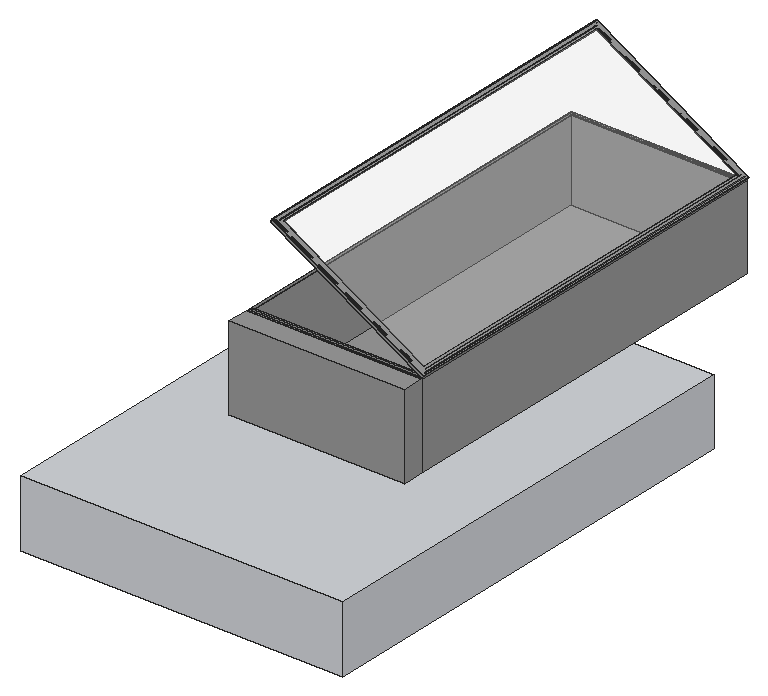
Revit family "Hager-Univers-IP55-D400-H1950-Cl.I-Steel_encl-CH-de", category Equipement électrique, Revit 2020
Family settings
  Hôte = Face
  Configuration du panneau = Deux colonnes, circuits au sein
  Cote de connecteur circulaire = Utiliser le diamètre
  Type d'élément = Tableau de raccordement
  Couper avec des vides une fois chargée = Non
  Partagée = Non
  Point de calcul de pièce = Non
Parameters (values of type "Bodenaufstellung IP55 B800 H1950 T400  - FR23V1")
  Width Control [instance] = if([EF000008 - Breite] > Min Width, [EF000008 - Breite], Min Width)  # 800 mm
  Commentaires du type = [HG000003 - Bereich]  # "Univers"
  Thickness Door [instance] = if([EF009171 - Materialstärke Tür/Deckel] > 3 mm, 3 mm, [EF009171 - Materialstärke Tür/Deckel])  # 1.5 mm
  Seal Frame Offset [instance] = 17 mm  # constant formula
  Plinth Visibility [instance] = [HG000027 - Sockelhöhe] > 0 mm  # yes
  Model = ""
  Min Width [instance] = 100 mm  # constant formula
  Min Height [instance] = 100 mm  # constant formula
  Min Depth [instance] = (2 * [EF009170 - Materialstärke Gehäuse]) + 1 mm  # 4 mm
  Internal Frame Depth [instance] = (Door System Depth * 0.5)  # 9 mm
  Height Control [instance] = if([EF000040 - Höhe] > Min Height, [EF000040 - Höhe], Min Height)  # 1950 mm
  HG000027 - Sockelhöhe = 100 mm
  HG000026 - Stehend auf dem Boden = yes
  HG000024 - Höhe des unteren Teils = 800 mm
  HG000023 - Gehäuse mit doppeltem Querschnitt = no
  HG000016 - 3D-Türsichtbarkeit [instance] = yes
  HG000015 - Sichtbarkeit der Türöffnung [instance] = no
  HG000014 - Tür rechts [instance] = yes
  HG000013 - Tür links [instance] = not([HG000014 - Tür rechts])  # no
  HG000012 - Türschwenkwinkel [instance] = 30.00°
  HG000010 - Asymmetrische Türen = no
  HG000009 - Doppelflügeligen Tür = no
  HG000006 - Unterputz = no
  HG000004 - Herstellerreferenz = "FR23V1"
  HG000003 - Bereich = "Univers"
  HG000002 - Mit tür = yes
  Frame Offset Bottom [instance] = 10 mm  # constant formula
  Frame Offset [instance] = 15 mm  # constant formula
  EF015940 - Deckel mit Überdruckentlastung = no
  EF011959 - Schutzart (NEMA) = ""
  EF009554 - Anzahl der Öffnungen für Flanschplatten = 6
  Fabricant = "Hager"  # constant formula
  EF009212 - Ausführung Deckel = "EV000116 - geschlossen"
  EF009171 - Materialstärke Tür/Deckel = 1.5 mm
  EF009170 - Materialstärke Gehäuse = 1.5 mm
  EF008873 - Nennstrom (In) = 800 A
  EF007800 - Geeignet für Blitzschutz = no
  EF006306 - Mit Schloss = no
  EF006244 - Transparenter Deckel/Tür = yes
  EF005474 - Schutzart (IP) = "EV006420 - IP55"
  EF004464 - Art der Tür = "EV002646 - Einzel"
  EF004427 - Anzahl der Module = 432
  EF004293 - Schlagfestigkeit = "EV008784 - IK10"
  EF003532 - Geeignet für Außengebrauch = no
  EF002950 - Breite in Teilungseinheiten = 24
  EF001613 - Funktionserhalt = "EV000494 - ohne"
  EF001596 - Werkstoff des Gehäuses = "EV000179 - Stahl"
  EF001131 - Innentiefe = 400 mm
  EF001088 - Anbaumöglichkeit = yes
  EF000437 - Anzahl der Leitungseinführungen = 6
  EF000339 - Art der Abdeckung = "EV004216 - Tür"
  EF000266 - Anzahl der Reihen = 12
  EF000218 - Einbautiefe = 0 mm
  EF000118 - Mit Montageplatte = no
  EF000116 - RAL-Nummer = "7035"
  EF000049 - Tiefe = 400 mm
  EF000040 - Höhe = 1950 mm
  EF000008 - Breite = 800 mm
  EF000007 - Farbe = "EV000270 - grau"
  EF000003 - Montageart = "EV012274 - Bodenaufstellung"
  Door System Leaf Tolerance [instance] = 1.5 mm  # constant formula
  Door System Depth [instance] = 18 mm  # constant formula
  Door Height [instance] = Height Control - [HG000027 - Sockelhöhe]  # 1850 mm
  Depth Control [instance] = if([EF000049 - Tiefe] > Min Depth, [EF000049 - Tiefe], Min Depth)  # 400 mm
  Default Elevation = 0 mm
  Connector Offset [instance] = Height Control / 2  # 975 mm
  Bottom Top Plate Trim [instance] = 1.5 mm  # constant formula
  Plinth height Ctrl [instance] = if([HG000027 - Sockelhöhe] > 0 mm, [HG000027 - Sockelhöhe], 12 mm)  # 100 mm
Types (11, lengths in mm): name | Width Control | HG000010 - Asymmetrische Türen | HG000009 - Doppelflügeligen Tür | HG000004 - Herstellerreferenz | EF009554 - Anzahl der Öffnungen für Flanschplatten | EF006244 - Transparenter Deckel/Tür | EF004464 - Art der Tür | EF004427 - Anzahl der Module | EF000437 - Anzahl der Leitungseinführungen | EF000008 - Breite
  Bodenaufstellung IP55 B1050 H1950 T400  - FR24G1 | 1050 | yes | yes | "FR24G1" | 8 | no | "EV003602 - Doppel" | 576 | 8 | 1050
  Bodenaufstellung IP55 B1050 H1950 T400  - FR24V1 | 1050 | yes | yes | "FR24V1" | 8 | yes | "EV003602 - Doppel" | 576 | 8 | 1050
  Bodenaufstellung IP55 B1300 H1950 T400  - FR25G1 | 1300 | yes | yes | "FR25G1" | 10 | no | "EV003602 - Doppel" | 720 | 10 | 1300
  Bodenaufstellung IP55 B1300 H1950 T400  - FR25V1 | 1300 | yes | yes | "FR25V1" | 10 | yes | "EV003602 - Doppel" | 720 | 10 | 1300
  Bodenaufstellung IP55 B1550 H1950 T400  - FR26G1 | 1550 | yes | yes | "FR26G1" | 12 | no | "EV003602 - Doppel" | 864 | 12 | 1550
  Bodenaufstellung IP55 B1550 H1950 T400  - FR26V1 | 1550 | yes | yes | "FR26V1" | 12 | yes | "EV003602 - Doppel" | 864 | 12 | 1550
  Bodenaufstellung IP55 B300 H1950 T400  - FR21G1 | 300 | no | no | "FR21G1" | 2 | no | "EV002646 - Einzel" | 144 | 2 | 300
  Bodenaufstellung IP55 B550 H1950 T400  - FR22G1 | 550 | no | no | "FR22G1" | 4 | no | "EV002646 - Einzel" | 288 | 4 | 550
  Bodenaufstellung IP55 B550 H1950 T400  - FR22V1 | 550 | no | no | "FR22V1" | 4 | yes | "EV002646 - Einzel" | 288 | 4 | 550
  Bodenaufstellung IP55 B800 H1950 T400  - FR23G1 | 800 | no | no | "FR23G1" | 6 | no | "EV002646 - Einzel" | 432 | 6 | 800
  Bodenaufstellung IP55 B800 H1950 T400  - FR23V1 | 800 | no | no | "FR23V1" | 6 | yes | "EV002646 - Einzel" | 432 | 6 | 800
Reference planes
  plane 1 "Center (Front/Back)": y = 0
  plane 2: z = 0
  plane 3 "Center (Left/Right)": x = 0
  plane 4: z = 400
  plane 5: y = 101.5
  plane 6: y = 1025
  plane 7: y = 100
  plane 8: y = 1950
  plane 9: z = 0
  plane 10: x = -385
  plane 11: x = 385
  plane 12: x = 383.5
  plane 13: x = -383.5
  plane 14: y = 1948.5
  plane 15: x = -383
  plane 16: x = -400
  plane 17: x = 383
  plane 18: x = 400
  plane 19: x = 398.5
  plane 20: x = -398.5
  plane 21: y = 111.5
  plane 22: y = 1950
  plane 23: y = 1933.5
  plane 24: z = 382
  plane 25: z = 1.5
  plane 26: z = 380.5
  plane 27: z = 398.5
Forms (mm)
  Extrusion 1, solid
    sketch origin (0, 0, 0) x (1, 0, 0) y (0, 1, 0)
      loop
        line (-702.964, 1305) -> (-702.964, -811.445) -> (766.763, -811.445) -> (766.763, 1305) -> (-702.964, 1305)
    from 0 to -304.8
  Extrusion 2, solid, material "Hager_Steel_RAL7035_Light_Grey", visible <- "Plinth Visibility", detail levels medium+fine
    sketch origin (0, 0, 0) x (1, 0, 0) y (0, 1, 0)
      loop
        line (-400, 0) -> (400, 0) -> (400, 100) -> (-400, 100) -> (-400, 0)
    from 0 to 382
  Extrusion 3, solid, material "Hager_Steel_RAL7035_Light_Grey", detail levels medium+fine
    sketch origin (0, 0, 0) x (1, 0, 0) y (0, 1, 0)
      loop
        line (-400, 100) -> (400, 100) -> (400, 1950) -> (-400, 1950) -> (-400, 100)
    from 0 to 382
  Extrusion 4, void
    sketch origin (0, 0, 0) x (1, 0, 0) y (0, 1, 0)
      loop
        line (-398.5, 101.5) -> (398.5, 101.5) -> (398.5, 1948.5) -> (-398.5, 1948.5) -> (-398.5, 101.5)
    from 1.5 to 380.5
  Extrusion 5, void
    sketch origin (-381.607, -4572, 382) x (0, -1, 0) y (-1, 0, 0)
      loop
        line (-4683.5, 1.893) -> (-6505.5, 1.893) -> (-6505.5, -765.107) -> (-4683.5, -765.107) -> (-4683.5, 1.893)
    from 0 to 1.5 <- "EF009170 - Materialstärke Gehäuse"
  Extrusion 6, solid, material "Hager_Steel_RAL7035_Light_Grey", detail levels fine
    sketch origin (0, 0, 382) x (1, 0, 0) y (0, 1, 0)
      loop
        line (-383.5, 1933.5) -> (-383.5, 111.5) -> (383.5, 111.5) -> (383.5, 1933.5) -> (-383.5, 1933.5)
      loop
        line (-385, 110) -> (385, 110) -> (385, 1935) -> (-385, 1935) -> (-385, 110)
    from 0 to 9 <- "Internal Frame Depth"
  Extrusion 7, solid, material "Hager_Steel_RAL7035_Light_Grey", detail levels coarse
    sketch origin (0, 0, 0) x (1, 0, 0) y (0, 1, 0)
      loop
        line (-400, 0) -> (400, 0) -> (400, 1950) -> (-400, 1950) -> (-400, 0)
    from 0 to 400
  Sweep 8, void
    path in 3D
      loop
        line (-400, 100, 0) -> (400, 100, 0) -> (400, 100, 382) -> (-400, 100, 382) -> (-400, 100, 0)
    profile origin (-400, 100, 191) x (-1, 0, 0) y (0, -1, 0)
      loop
        line (0, 0) -> (0, 1.5) -> (-1.5, 1.5)
        arc (-1.5, 1.5) -> (-1.061, 0.439) -> (0, 0) r 1.5
Cuts and joins
  Extrusion 4, Extrusion 5 cuts Extrusion 3
  Sweep 8 cuts Extrusion 2
Lines and regions (mm)
  Masking region 1
    outline origin (0, 0, 0) x (1, 0, 0) y (0, 0, 1)
      loop
        line (-400, 400) -> (-400, 0) -> (400, 0) -> (400, 400) -> (-400, 400)
  Masking region 2, detail levels medium+fine
    outline origin (0, 140, 0) x (0, 1, 0) y (0, 0, 1)
      loop
        line (-40, 0) -> (1810, 0) -> (1810, 382) -> (-40, 382) -> (-40, 0)
  Masking region 3, not visible, detail levels medium+fine
    outline origin (0, 297.922, 0) x (0, 1, 0) y (0, 0, 1)
      loop
        line (738.578, 0) -> (778.578, 0) -> (778.578, 388.5)
        arc (778.578, 388.5) -> (775.649, 395.571) -> (768.578, 398.5) r 10
        line (768.578, 398.5) -> (738.578, 398.5) -> (738.578, 0)
  Masking region 4, detail levels coarse
    outline origin (0, 0, 180) x (0, 1, 0) y (0, 0, 1)
      loop
        line (0, -180) -> (1950, -180) -> (1950, 220) -> (0, 220) -> (0, -180)
  Masking region 5, visible <- "Plinth Visibility", detail levels medium+fine
    outline origin (0, 52.24, 12.345) x (0, 0, -1) y (0, 1, 0)
      loop
        line (10.845, 47.76) -> (-368.155, 47.76)
        arc (-368.155, 47.76) -> (-368.594, 46.699) -> (-369.655, 46.26) r 1.5
        line (-369.655, 46.26) -> (-369.655, -52.24) -> (12.345, -52.24) -> (12.345, 46.26)
        arc (12.345, 46.26) -> (11.285, 46.699) -> (10.845, 47.76) r 1.5
  Masking region 6, detail levels medium+fine
    outline origin (-381.607, -4572, 382) x (-1, 0, 0) y (0, -1, 0)
      loop
        line (18.393, -6522) -> (18.393, -4672) -> (-781.607, -4672) -> (-781.607, -6522) -> (18.393, -6522)
  Masking region 7, visible <- "Plinth Visibility", detail levels medium+fine
    outline origin (-381.607, -4727, 382) x (-1, 0, 0) y (0, -1, 0)
      loop
        arc (16.893, -4827) -> (17.332, -4825.939) -> (18.393, -4825.5) r 1.5
        line (18.393, -4825.5) -> (18.393, -4727) -> (-781.607, -4727) -> (-781.607, -4825.5)
        arc (-781.607, -4825.5) -> (-780.546, -4825.939) -> (-780.107, -4827) r 1.5
        line (-780.107, -4827) -> (16.893, -4827)
  Masking region 8, detail levels coarse
    outline origin (-442.548, -4669.526, 382) x (-1, 0, 0) y (0, -1, 0)
      loop
        line (-42.548, -6619.526) -> (-42.548, -4669.526) -> (-842.548, -4669.526) -> (-842.548, -6619.526) -> (-42.548, -6619.526)
  sketch lines
    curve 1: line (-400, 100, 382) -> (-400, 100, 0)
    curve 2: line (400, 100, 382) -> (-400, 100, 382)
    curve 3: line (400, 100, 382) -> (400, 100, 0)
    curve 4: line (-400, 100, 0) -> (400, 100, 0)
Dimensions and locks
  "Depth Control": plane 4 to Extrusion 1
  "HG000027 - Sockelhöhe": plane 1 "Center (Front/Back)" to plane 7
  "EF009170 - Materialstärke Gehäuse": plane 5 to plane 7
  locked: connector elem to plane 3 "Center (Left/Right)"
  equal spacing: plane 8, plane 6, plane 7
  locked: connector elem to plane 6
  "EF009170 - Materialstärke Gehäuse": plane 8 to plane 14
  "EF009170 - Materialstärke Gehäuse": plane 10 to plane 13
  "EF009170 - Materialstärke Gehäuse": plane 12 to plane 11
  "Frame Offset": plane 20 to plane 13
  "Frame Offset": plane 12 to plane 19
  "EF009170 - Materialstärke Gehäuse": plane 16 to plane 20
  "EF009170 - Materialstärke Gehäuse": plane 19 to plane 18
  "Seal Frame Offset": plane 16 to plane 15
  "Seal Frame Offset": plane 17 to plane 18
  "Frame Offset Bottom": plane 21 to plane 5
  "Frame Offset": plane 14 to plane 23
  equal spacing: plane 16, plane 3 "Center (Left/Right)", plane 18
  "Width Control": plane 16 to plane 18
  "EF009170 - Materialstärke Gehäuse": plane 4 to plane 27
  "EF009170 - Materialstärke Gehäuse": plane 24 to plane 26
  "EF009170 - Materialstärke Gehäuse": plane 25 to level
  "Door System Depth": plane 4 to plane 24
  "Height Control": plane 1 "Center (Front/Back)" to Extrusion 7 sketch curve
  "Height Control": Masking region 4 sketch curve to plane 1 "Center (Front/Back)"
  "Height Control": plane 1 "Center (Front/Back)" to plane 22
  "Bottom Top Plate Trim": profile plane to Sweep 8 sketch curve
  "Bottom Top Plate Trim": Sweep 8 sketch curve to profile plane
  "Plinth height Ctrl": plane 1 "Center (Front/Back)" to Extrusion 2 sketch curve
  "Plinth height Ctrl": Masking region 5 sketch curve to plane 1 "Center (Front/Back)"
  "Plinth height Ctrl": plane 1 "Center (Front/Back)" to Masking region 7 sketch curve
  "Thickness Door": Extrusion 6 sketch curve to Extrusion 6 sketch curve  (x3)
  "Thickness Door": cut or joined group of Extrusion 3, Extrusion 4, Extrusion 5 to Extrusion 6 sketch curve
  radius of Masking region 3 sketch curve = 10 mm
  "Bottom Top Plate Trim": radius of Masking region 5 sketch curve  (x2)
  "Bottom Top Plate Trim": radius of Sweep 8 sketch curve
  "Bottom Top Plate Trim": radius of Masking region 7 sketch curve  (x2)
  aligned and locked: plane 2 to Extrusion 1
  aligned and locked: level to Extrusion 1
  aligned and locked: level to Masking region 1 sketch curve
  aligned and locked: Masking region 1 sketch curve to plane 18
  aligned and locked: Masking region 1 sketch curve to plane 16
  aligned and locked: plane 7 to Masking region 2 sketch curve
  aligned and locked: level to Masking region 3 sketch curve
  aligned and locked: Masking region 3 sketch curve to plane 27
  aligned and locked: level to Masking region 2 sketch curve
  aligned and locked: plane 1 "Center (Front/Back)" to Extrusion 2 sketch curve
  aligned and locked: Extrusion 3 sketch curve to plane 7
  aligned and locked: plane 16 to Extrusion 3 sketch curve
  aligned and locked: plane 18 to Extrusion 3 sketch curve
  aligned and locked: plane 20 to Extrusion 4 sketch curve
  aligned and locked: plane 19 to Extrusion 4 sketch curve
  aligned and locked: Extrusion 4 sketch curve to plane 5
  aligned and locked: Extrusion 4 to plane 25
  aligned and locked: plane 26 to Extrusion 4
  aligned and locked: plane 24 to Extrusion 3
  aligned and locked: Extrusion 5 sketch curve to plane 21
  aligned and locked: Extrusion 5 sketch curve to plane 13
  aligned and locked: Extrusion 5 sketch curve to plane 12
  aligned and locked: plane 18 to Extrusion 7 sketch curve
  aligned and locked: plane 1 "Center (Front/Back)" to Extrusion 7 sketch curve
  aligned and locked: plane 16 to Extrusion 7 sketch curve
  aligned and locked: plane 4 to Extrusion 7
  aligned and locked: Extrusion 7 to level
  aligned and locked: level to Masking region 4 sketch curve
  aligned and locked: Masking region 4 sketch curve to plane 1 "Center (Front/Back)"
  aligned and locked: Masking region 4 sketch curve to plane 4
  aligned and locked: nested 1 to level
  aligned and locked: nested 1 to plane 16
  aligned and locked: plane 8 to Extrusion 3 sketch curve
  aligned and locked: plane 23 to Extrusion 5 sketch curve
  aligned and locked: plane 14 to Extrusion 4 sketch curve
  aligned and locked: Masking region 2 sketch curve to plane 8
  aligned and locked: level to Masking region 5 sketch curve
  aligned and locked: plane 16 to Extrusion 2 sketch curve
  aligned and locked: plane 18 to Extrusion 2 sketch curve
  aligned and locked: Masking region 5 sketch curve to plane 24
  aligned and locked: Masking region 2 sketch curve to plane 24
  aligned and locked: plane 24 to Extrusion 2
  aligned and locked: profile plane to Sweep 8 sketch curve  (x2)
  aligned and locked: Masking region 6 sketch curve to plane 18
  aligned and locked: Masking region 6 sketch curve to plane 22
  aligned and locked: Masking region 6 sketch curve to plane 16
  aligned and locked: plane 8 to plane 22
  aligned and locked: Masking region 6 sketch curve to plane 7
  aligned and locked: Masking region 7 sketch curve to plane 16
  aligned and locked: Masking region 7 sketch curve to plane 1 "Center (Front/Back)"
  aligned and locked: Masking region 7 sketch curve to plane 18
  aligned and locked: Masking region 8 sketch curve to plane 1 "Center (Front/Back)"
  aligned and locked: Masking region 8 sketch curve to plane 18
  aligned and locked: Masking region 8 sketch curve to plane 22
  aligned and locked: Masking region 8 sketch curve to plane 16
  aligned and locked: nested 2 to plane 7
  aligned and locked: plane 3 "Center (Left/Right)" to nested 2
  aligned and locked: nested 2 to plane 24
  aligned and locked: Extrusion 6 sketch curve to cut or joined group of Extrusion 3, Extrusion 4, Extrusion 5  (x4)
Automatic sketch dimensions
  Extrusion 1 sketch curve to Extrusion 1 sketch curve = 1469.727 mm
  Extrusion 1 sketch curve to Extrusion 1 sketch curve = 2116.445 mm
  Masking region 1 sketch curve to plane 4 = 0 mm
  plane 6 to Masking region 3 sketch curve = 11.5 mm
  Masking region 3 sketch curve to Masking region 3 sketch curve = 30 mm
  Masking region 5 sketch curve to plane 1 "Center (Front/Back)" = 0 mm
Nested families
  nested 1: "Hager_Enclosure_Symbol" at (-400, 0, 0) x (1, 0, 0) z (0, -1, 0), Height <- "Depth Control", Width <- "Width Control", type "Hager_Enclosure_Symbol"
    with Width_Ctrl 800 mm, Width 800 mm, Height_Ctrl 400 mm, Height 400 mm, A_Width_Int 26.25 mm, A_Width 315 mm, A_Height_Ctrl 350 mm, A_Height 350 mm
  nested 2: "EC000058_Univers_Door" at (0, 100, 382) x (1, 0, 0) z (0, 1, 0), Leaf_Tolerance <- "Door System Leaf Tolerance", Angle <- "HG000012 - Türschwenkwinkel", Door_Depth <- "Door System Depth", Door_Left <- "HG000013 - Tür links", Transparent <- "EF006244 - Transparenter Deckel/Tür", Assymetrical <- "HG000010 - Asymmetrische Türen", Width <- "Width Control", Clearance <- "HG000015 - Sichtbarkeit der Türöffnung", Double <- "HG000009 - Doppelflügeligen Tür", 3d_Door <- "HG000016 - 3D-Türsichtbarkeit", Lock_Visibility <- "EF006306 - Mit Schloss", Width_Ctrl <- "Width Control", Door_Right <- "HG000014 - Tür rechts", Door <- "HG000002 - Mit tür", Height <- "Door Height", Thickness <- "Thickness Door", type "EC000058_Univers_Door", detail levels medium+fine
    with min_wh 4 mm, Width_Ctrl 800 mm, Width 800 mm, Transparent yes, Thickness 1.5 mm, Seal_Material Hager_Rubber, Lock_Visibility no, Lock_Material Hager_Plastic_RAL9005_Jet_Black, Leaf_Width 800 mm, Leaf_Tolerance_External_Sides 0 mm, Leaf_Tolerance 1.5 mm, Leaf_Offset 0 mm, Leaf_Height 1847 mm, Leaf_2_Width 800 mm, Leaf_2_Offset 400 mm, Leaf_1_Width 800 mm, Leaf_1_Offset 400 mm, Height_Ctrl 1850 mm, Height 1850 mm, Glass_Material Hager_Glass, Double_Clearance_Ctrl no, Double no, Door_Right_Ctrl yes, Door_Right yes, Door_Material Hager_Steel_RAL7035_Light_Grey, Door_Left_Ctrl no, Door_Left no, Door_Depth 18 mm, Door yes, Clearance_Material Hager_Clearance, Clearance_Depth 800 mm, Clearance_Ctrl no, Clearance no, Assymetrical no, Angle 30.00°, 3d_Door yes
Connectors
  electrical at (0, 1025, 0)
    settings: on plane 9, index 1, voltage 0 V, apparent load 0 VA, apparent load phase1 0 VA, apparent load phase2 0 VA, apparent load phase3 0 VA, power factor 1, load classification "Other", number of poles 1, system type 30, power factor state 1, is connector primary yes, connector utility no, sub classification motor no, connector description ""
Definition of nested family "EC000058_Univers_Door"
  Parameters (values of type "EC000058_Univers_Door")
    min_wh [instance] = (2 * Thickness) + 1 mm  # 11 mm
    Width_Ctrl [instance] = 400 mm
    Width [instance] = 500 mm
    Transparent [instance] = yes
    Thickness [instance] = 5 mm
    Seal_Material [instance] = none
    Lock_Visibility [instance] = yes
    Lock_Material [instance] = none
    Leaf_Width [instance] = if((Width_Ctrl - 2 * Leaf_Tolerance_External_Sides) > 0 mm, (Width_Ctrl - 2 * Leaf_Tolerance_External_Sides), min_wh)  # 400 mm
    Leaf_Tolerance_External_Sides [instance] = 0 mm  # constant formula
    Leaf_Tolerance [instance] = 1.5 mm
    Leaf_Offset [instance] = 0 mm  # constant formula
    Leaf_Height [instance] = if((Height_Ctrl - 2 * Leaf_Tolerance) > 0 mm, (Height_Ctrl - 2 * Leaf_Tolerance), min_wh)  # 497 mm
    Leaf_2_Width [instance] = if(and(and(Double, Assymetrical), Door_Left), (Leaf_Width / 3) - (Leaf_Tolerance / 2), if(and(and(Double, Assymetrical), Door_Right), (Leaf_Width / 3) * 2 - (Leaf_Tolerance / 2), if(and(Double, not(Assymetrical)), (Leaf_Width / 2) - Leaf_Tolerance, Leaf_Width)))  # 400 mm
    Leaf_2_Offset [instance] = if(and(Double, Assymetrical), Leaf_2_Width / 2, if(and(Double, not(Assymetrical)), Leaf_Width / 4, Leaf_Width / 2))  # 200 mm
    Leaf_1_Width [instance] = if(and(and(Double, Assymetrical), Door_Right), (Leaf_Width / 3) - (Leaf_Tolerance / 2), if(and(and(Double, Assymetrical), Door_Left), (Width / 3) * 2 - (Leaf_Tolerance / 2), if(and(Double, not(Assymetrical)), (Leaf_Width / 2) - Leaf_Tolerance, Leaf_Width)))  # 400 mm
    Leaf_1_Offset [instance] = if(and(Double, Assymetrical), Leaf_1_Width / 2, if(and(Double, not(Assymetrical)), Leaf_Width / 4, Leaf_Width / 2))  # 200 mm
    Height_Ctrl [instance] = if(Height > min_wh, Height, min_wh)  # 500 mm
    Height [instance] = 500 mm
    Glass_Material [instance] = none
    Double_Clearance_Ctrl [instance] = and(Double, Clearance)  # no
    Double [instance] = no
    Door_Right_Ctrl [instance] = and(or(Door_Right, Double), Door)  # yes
    Door_Right [instance] = yes
    Door_Material [instance] = none
    Door_Left_Ctrl [instance] = and(or(Door_Left, Double), Door)  # no
    Door_Left [instance] = no
    Door_Depth [instance] = 30 mm
    Door [instance] = yes
    Default Elevation = 1219.2 mm
    Clearance_Material [instance] = none
    Clearance_Depth [instance] = if(Leaf_1_Width > Leaf_2_Width, Leaf_1_Width, Leaf_2_Width)  # 400 mm
    Clearance_Ctrl [instance] = and(not(Double), Clearance)  # yes
    Clearance [instance] = yes
    Assymetrical [instance] = yes
    Angle [instance] = 30.00°
    3d_Door [instance] = yes
  Reference planes
    plane 1 "Center (Front/Back)": y = 0
    plane 2 "Bottom": z = 0
    plane 3 "Center (Left/Right)": x = 0
    plane 4: z = 500
    plane 5: x = -200
    plane 6: x = 200
    plane 7: z = 500
    plane 8: x = -200
    plane 9: z = 0
    plane 10: x = 200
    plane 11: y = 0
    plane 12: z = 1.5
    plane 13: x = -600
    plane 14: y = -400
    plane 15: x = 600
    plane 16: x = 0
    plane 17: x = 0
    plane 18: x = -200
    plane 19: x = 200
    plane 20: z = 498.5
  Forms (mm)
    Extrusion 1, solid, material <- "Clearance_Material", visible <- "Double_Clearance_Ctrl"
      sketch origin (1200, 0, 0) x (1, 0, 0) y (0, 0, -1)
        loop
          line (-1800, -498.5) -> (-600, -498.5) -> (-600, 0) -> (-1800, 0) -> (-1800, -498.5)
      from 0 to -400
  Dimensions and locks
    equal spacing: plane 5, plane 3 "Center (Left/Right)", plane 6
    "Width_Ctrl": plane 5 to plane 6
    "Leaf_Offset": plane 5 to plane 8
    "Leaf_Offset": plane 6 to plane 10
    "Leaf_Offset": plane 9 to level
    "Leaf_Offset": plane 4 to plane 7
    "Height_Ctrl": plane 4 to level
    "Leaf_Tolerance": plane 12 to plane 9
    locked: plane 11 to plane 1 "Center (Front/Back)"
    "Leaf_1_Offset": plane 18 to plane 16
    "Leaf_2_Offset": plane 17 to plane 19
    "Leaf_1_Width": plane 13 to plane 8
    "Leaf_2_Width": plane 10 to plane 15
    "Clearance_Depth": plane 14 to plane 1 "Center (Front/Back)"
    "Leaf_Tolerance_External_Sides": plane 8 to plane 18
    "Leaf_Tolerance_External_Sides": plane 19 to plane 10
    "Leaf_Tolerance": plane 7 to plane 20
    aligned and locked: level to plane 2 "Bottom"
    aligned and locked: nested 1 to plane 16
    aligned and locked: nested 2 to plane 17
    aligned and locked: Extrusion 1 to plane 13
    aligned and locked: plane 15 to Extrusion 1
    aligned and locked: Extrusion 1 to plane 14
    aligned and locked: plane 12 to nested 1
    aligned and locked: nested 2 to plane 12
    aligned and locked: Extrusion 1 to plane 11
    aligned and locked: plane 20 to Extrusion 1
    aligned and locked: nested 2 to plane 11
    aligned and locked: nested 1 to plane 11
  Automatic sketch dimensions
    Extrusion 1 sketch curve to level = 0 mm
    plane 5 to Extrusion 1 sketch curve = 400 mm
    plane 6 to Extrusion 1 sketch curve = 400 mm
    Extrusion 1 sketch curve to plane 4 = 1.5 mm
  Nested families
    nested 1: "EC000058_Univers_Door_Leaf" at (0, 0, 1.5), Width <- "Leaf_1_Width", visible <- "Door_Left_Ctrl", Leaf_Height <- "Leaf_Height", Angle <- "Angle", 3d_Door <- "3d_Door", Transparent <- "Transparent", Clearance Material <- "Clearance_Material", Clearance <- "Clearance_Ctrl", Door_Material <- "Door_Material", Glass_Material <- "Glass_Material", Door_Depth <- "Door_Depth", Lock_Material <- "Lock_Material", Seal_Material <- "Seal_Material", Lock_Visibility <- "Lock_Visibility", Thickness <- "Thickness", type "EC000058_Univers_Door_Leaf"
      with Width 400 mm, Transparent_Glass_Offset 30 mm, Transparent_Ctrl yes, Transparent yes, Thickness 5 mm, Standard no, Seal_Material none, Seal_D2 8 mm, Seal_D1 1 mm, Offset_Internal_Frame 10 mm, Lock_Width 20 mm, Lock_Visibility_3d yes, Lock_Visibility yes, Lock_Thickness_3 3 mm, Lock_Thickness_2 1 mm, Lock_Thickness_1 3 mm, Lock_Radius_Offset_2 16 mm, Lock_Radius_Offset_1 15 mm, Lock_Radius_2 5 mm, Lock_Radius 6 mm, Lock_Offset 5 mm, Lock_Material none, Lock_Height 80 mm, Lock_Cover_Top_Offset_2d 17 mm, Lock_Cover_Height -65 mm, Leaf_Height 497 mm, Internal_Seal_Thickness 8 mm, Internal_Seal_Depth_2 4.5 mm, Internal_Frame_Depth 25 mm, Glass_Thickness -1 mm, Glass_Offset -2 mm, Glass_Material none, Door_Material none, Door_Depth 30 mm, Clearance Material none, Clearance yes, Angle_Ctrl 30.00°, Angle 30.00°, 3d_Door yes
    nested 2: "EC000058_Univers_Door_Leaf" at (0, 0, 1.5) x (-1, 0, 0) z (0, 0, 1), Width <- "Leaf_2_Width", visible <- "Door_Right_Ctrl", Leaf_Height <- "Leaf_Height", Angle <- "Angle", 3d_Door <- "3d_Door", Transparent <- "Transparent", Clearance Material <- "Clearance_Material", Clearance <- "Clearance_Ctrl", Door_Material <- "Door_Material", Glass_Material <- "Glass_Material", Door_Depth <- "Door_Depth", Lock_Material <- "Lock_Material", Seal_Material <- "Seal_Material", Lock_Visibility <- "Lock_Visibility", Thickness <- "Thickness", type "EC000058_Univers_Door_Leaf"
      with Width 400 mm, Transparent_Glass_Offset 30 mm, Transparent_Ctrl yes, Transparent yes, Thickness 5 mm, Standard no, Seal_Material none, Seal_D2 8 mm, Seal_D1 1 mm, Offset_Internal_Frame 10 mm, Lock_Width 20 mm, Lock_Visibility_3d yes, Lock_Visibility yes, Lock_Thickness_3 3 mm, Lock_Thickness_2 1 mm, Lock_Thickness_1 3 mm, Lock_Radius_Offset_2 16 mm, Lock_Radius_Offset_1 15 mm, Lock_Radius_2 5 mm, Lock_Radius 6 mm, Lock_Offset 5 mm, Lock_Material none, Lock_Height 80 mm, Lock_Cover_Top_Offset_2d 17 mm, Lock_Cover_Height -65 mm, Leaf_Height 497 mm, Internal_Seal_Thickness 8 mm, Internal_Seal_Depth_2 4.5 mm, Internal_Frame_Depth 25 mm, Glass_Thickness -1 mm, Glass_Offset -2 mm, Glass_Material none, Door_Material none, Door_Depth 30 mm, Clearance Material none, Clearance yes, Angle_Ctrl 30.00°, Angle 30.00°, 3d_Door yes
  Definition of nested family "EC000058_Univers_Door_Leaf"
    Parameters (values of type "EC000058_Univers_Door_Leaf")
      Width [instance] = 2000 mm
      Transparent_Glass_Offset [instance] = 30 mm
      Transparent_Ctrl [instance] = and(Transparent, [3d_Door])  # yes
      Transparent [instance] = yes
      Thickness [instance] = 5 mm
      Standard [instance] = and(not(Transparent), [3d_Door])  # no
      Seal_Material [instance] = none
      Seal_D2 [instance] = 8 mm  # constant formula
      Seal_D1 [instance] = 1 mm  # constant formula
      Offset_Internal_Frame [instance] = 10 mm  # constant formula
      Lock_Width [instance] = 20 mm  # constant formula
      Lock_Visibility_3d [instance] = and(Lock_Visibility, [3d_Door])  # yes
      Lock_Visibility [instance] = yes
      Lock_Thickness_3 [instance] = 3 mm  # constant formula
      Lock_Thickness_2 [instance] = 1 mm  # constant formula
      Lock_Thickness_1 [instance] = 3 mm  # constant formula
      Lock_Radius_Offset_2 [instance] = Lock_Radius_Offset_1 + 1 mm  # 16 mm
      Lock_Radius_Offset_1 [instance] = 15 mm  # constant formula
      Lock_Radius_2 [instance] = Lock_Radius - 1 mm  # 5 mm
      Lock_Radius [instance] = 6 mm  # constant formula
      Lock_Offset [instance] = 5 mm  # constant formula
      Lock_Material [instance] = none
      Lock_Height [instance] = 80 mm  # constant formula
      Lock_Cover_Top_Offset_2d [instance] = Lock_Radius_Offset_2 + 1 mm  # 17 mm
      Lock_Cover_Height [instance] = -(Lock_Height - Lock_Radius_Offset_1)  # -65 mm
      Leaf_Height [instance] = 2720.336 mm
      Internal_Seal_Thickness [instance] = 8 mm  # constant formula
      Internal_Seal_Depth_2 [instance] = 4.5 mm  # constant formula
      Internal_Frame_Depth [instance] = if(Door_Depth - Thickness > 5 mm, Door_Depth - Thickness, 5 mm)  # 25 mm
      Glass_Thickness [instance] = if(Thickness > 15 mm, Glass_Offset + 10 mm, -1 mm)  # -1 mm
      Glass_Offset [instance] = if(Thickness > 15 mm, -(Thickness + 10 mm) / 2, -2 mm)  # -2 mm
      Glass_Material [instance] = none
      Door_Material [instance] = none
      Door_Depth [instance] = 30 mm
      Default Elevation = 0 mm
      Clearance Material [instance] = none
      Clearance [instance] = yes
      Angle_Ctrl [instance] = if(Angle > 180.00°, 180.00°, Angle)  # 90.00°
      Angle [instance] = 90.00°
      3d_Door [instance] = yes
    Reference planes
      plane 1 "Center (Front/Back)": y = 0
      plane 2: z = 0
      plane 3 "Center (Left/Right)": x = 0
      plane 4: y = 2000
      plane 5: x = -1000
      plane 6: x = 1000
      plane 7: x = -3000
      plane 8: z = 2720.336
      plane 9: z = 30
      plane 10: z = 2690.336
      plane 11: x = 970
      plane 12: x = -970
      plane 13: y = -3
      plane 14: z = 107.833
      plane 15: y = -5
      plane 16: y = -223.314
      plane 17: x = -1000
      plane 18: z = 1360.168
      plane 19: y = 30
    Forms (mm)
      Extrusion 1, solid, material <- "Clearance Material", visible <- "Clearance"
        sketch origin (0, 0, 0) x (1, 0, 0) y (0, 0, 1)
          loop
            line (-3000, 2720.336) -> (-3000, 0) -> (1000, 0) -> (1000, 2720.336) -> (-3000, 2720.336)
        from 0 to -2000
      Extrusion 2, solid, material <- "Door_Material", visible <- "Standard", detail levels medium+fine
        sketch origin (-1000, 0, 0) x (0, 1, 0) y (-1, 0, 0)
          loop
            line (0, 30) -> (0, 25) -> (2000, 25) -> (2000, 30) -> (0, 30)
        from 0 to 2720.336 <- "Leaf_Height"
      Extrusion 3, solid, material <- "Door_Material", visible <- "Transparent_Ctrl", detail levels medium+fine
        sketch origin (-1000, 0, 0) x (0, 1, 0) y (-1, 0, 0)
          loop
            line (0, 25) -> (2000, 25) -> (2000, 30) -> (0, 30) -> (0, 25)
        from 0 to 2720.336 <- "Leaf_Height"
      Extrusion 4, void
        sketch origin (-1025, 2000, 0) x (0, 1, 0) y (0, 0, -1)
          loop
            line (-30, -2690.336) -> (-30, -30) -> (-1970, -30) -> (-1970, -2690.336) -> (-30, -2690.336)
        from 0 to 5 <- "Thickness"
      Sweep 5, solid, material <- "Seal_Material", visible <- "Transparent_Ctrl", detail levels fine
        path in 3D
          loop
            line (-1025, 30, 30) -> (-1025, 30, 2690.336) -> (-1025, 1970, 2690.336) -> (-1025, 1970, 30) -> (-1025, 30, 30)
        profile origin (-1025, 1000, 30) x (1, 0, 0) y (0, 0, 1)
          loop
            line (0, 0) -> (0, -8) -> (1, -8) -> (1, 0) -> (0, 0)
      Extrusion 6, solid, material <- "Glass_Material", visible <- "Transparent_Ctrl", detail levels medium+fine
        sketch origin (-1030, 0, 0) x (0, 1, 0) y (0, 0, -1)
          loop
            line (1970, -2690.336) -> (1970, -30) -> (30, -30) -> (30, -2690.336) -> (1970, -2690.336)
        from -2 <- "Glass_Offset" to -1 <- "Glass_Thickness"
      Extrusion 7, solid, material <- "Door_Material", visible <- "3d_Door", detail levels medium+fine
        sketch origin (-1025, 2000, 0) x (0, -1, 0) y (0, 0, -1)
          loop
            line (0, -2720.336) -> (2000, -2720.336) -> (2000, 0) -> (0, 0) -> (0, -2720.336)
          loop
            line (1995, -5) -> (5, -5) -> (5, -2715.336) -> (1995, -2715.336) -> (1995, -5)
        from 0 to 25 <- "Internal_Frame_Depth"
      Sweep 8, solid, material <- "Seal_Material", visible <- "Transparent_Ctrl", detail levels fine
        path in 3D
          loop
            line (-1025, 0, 0) -> (-1025, 2000, 0) -> (-1025, 2000, 2720.336) -> (-1025, 0, 2720.336) -> (-1025, 0, 0)
        profile origin (-1025, 0, 1360.168) x (1, 0, 0) y (0, 1, 0)
          loop
            line (0, 10) -> (2.975, 10)
            arc (2.975, 10) -> (4.053, 10.447) -> (4.5, 11.525) r 1.525
            line (4.5, 11.525) -> (4.5, 16.527)
            arc (4.5, 16.527) -> (4.069, 17.569) -> (3.027, 18) r 1.473
            line (3.027, 18) -> (0, 18) -> (0, 10)
      Extrusion 9, solid, material <- "Lock_Material", visible <- "Lock_Visibility_3d", detail levels fine
        sketch origin (-1030, 0, 0) x (0, 1, 0) y (0, 0, -1)
          loop
            arc (1993.5, -1400.168) -> (1994.561, -1399.729) -> (1995, -1398.668) r 1.5
            line (1995, -1398.668) -> (1995, -1320.168) -> (1975, -1320.168) -> (1975, -1398.668)
            arc (1975, -1398.668) -> (1975.439, -1399.729) -> (1976.5, -1400.168) r 1.5
            line (1976.5, -1400.168) -> (1993.5, -1400.168)
        from 3 <- "Lock_Thickness_1" to 0
      Blend 10, solid, material <- "Lock_Material", visible <- "Lock_Visibility_3d", detail levels fine
        base sketch origin (-1033, 0, 0) x (0, 1, 0) y (0, 0, -1)
          loop
            line (1975, -1320.168) -> (1975, -1398.668)
            arc (1975, -1398.668) -> (1975.439, -1399.729) -> (1976.5, -1400.168) r 1.5
            line (1976.5, -1400.168) -> (1993.5, -1400.168)
            arc (1993.5, -1400.168) -> (1994.561, -1399.729) -> (1995, -1398.668) r 1.5
            line (1995, -1398.668) -> (1995, -1320.168) -> (1975, -1320.168)
        top sketch origin (-1033, 0, 0) x (0, 1, 0) y (0, 0, -1)
          loop
            line (1976, -1320.168) -> (1976, -1398.668)
            arc (1976, -1398.668) -> (1976.146, -1399.022) -> (1976.5, -1399.168) r 0.5
            line (1976.5, -1399.168) -> (1993.5, -1399.168)
            arc (1993.5, -1399.168) -> (1993.854, -1399.022) -> (1994, -1398.668) r 0.5
            line (1994, -1398.668) -> (1994, -1320.168) -> (1976, -1320.168)
        from 0 to 1 <- "Lock_Thickness_2"
      Blend 11, solid, material <- "Lock_Material", visible <- "Lock_Visibility_3d", detail levels fine
        base sketch origin (-1034, 0, 0) x (0, 1, 0) y (0, 0, -1)
          loop
            line (1978, -1320.168) -> (1978, -1384.168)
            arc (1978, -1384.168) -> (1985, -1391.168) -> (1992, -1384.168) r 7
            line (1992, -1384.168) -> (1992, -1320.168) -> (1978, -1320.168)
        top sketch origin (-1034, 0, 0) x (0, 1, 0) y (0, 0, -1)
          loop
            line (1991, -1320.168) -> (1979, -1320.168) -> (1979, -1383.168)
            arc (1979, -1383.168) -> (1985, -1389.168) -> (1991, -1383.168) r 6
            line (1991, -1383.168) -> (1991, -1320.168)
        from 0 to 3 <- "Lock_Thickness_3"
      Extrusion 12, solid, material <- "Lock_Material", visible <- "Lock_Visibility_3d", detail levels fine
        sketch origin (-1030, 1975, 1320.168) x (1, 0, 0) y (0, -1, 0)
          loop
            line (-7, -19) -> (-7, -1) -> (0, -1) -> (0, 0) -> (-8, 0) -> (-8, -20) -> (0, -20) -> (0, -19) -> (-7, -19)
        from 0 to -65 <- "Lock_Cover_Height"
      Extrusion 13, void
        sketch origin (-1038, 1995, 1320.168) x (-1, 0, 0) y (0, 0, -1)
          loop
            line (-5, -65) -> (0, -65) -> (-5, -60) -> (-5, -65)
        from 0 to 20 <- "Lock_Width"
      Extrusion 14, void
        sketch origin (-1038, 1975, 1320.168) x (0, -1, 0) y (0, 0, -1)
          loop
            circle (-10, -15.995) r 6
          loop
            circle (-10, -15.995) r 5
        from 0 to 2
      Extrusion 15, solid, material <- "Lock_Material", visible <- "Lock_Visibility_3d", detail levels medium
        sketch origin (-1030, 0, 0) x (0, 1, 0) y (0, 0, -1)
          loop
            arc (1993.5, -1400.168) -> (1994.561, -1399.729) -> (1995, -1398.668) r 1.5
            line (1995, -1398.668) -> (1995, -1320.168) -> (1975, -1320.168) -> (1975, -1398.668)
            arc (1975, -1398.668) -> (1975.439, -1399.729) -> (1976.5, -1400.168) r 1.5
            line (1976.5, -1400.168) -> (1993.5, -1400.168)
        from 8 to 0
    Cuts and joins
      Extrusion 4 cuts Extrusion 3
      Extrusion 13, Extrusion 14 cuts Extrusion 9
      Extrusion 14 cuts Blend 11
      Extrusion 13, Extrusion 14 cuts Extrusion 12
      joined: Extrusion 9, Blend 10, Blend 11, Extrusion 12
      Extrusion 14 cuts Extrusion 15
    Lines and regions (mm)
      Masking region 1, visible <- "Lock_Visibility", detail levels fine
        outline origin (0, 0, 0) x (0, 1, 0) y (0, 0, 1)
          loop
            line (30, 1320.168) -> (33, 1320.168) -> (33, 1400.168) -> (30, 1400.168) -> (30, 1320.168)
      Masking region 2, visible <- "Lock_Visibility", detail levels fine
        outline origin (0, 3.143, 0) x (0, 1, 0) y (0, 0, 1)
          loop
            line (29.857, 1354.168) -> (30.857, 1354.168) -> (30.857, 1366.168) -> (29.857, 1366.168) -> (29.857, 1354.168)
      Masking region 3, detail levels medium+fine
        outline origin (0, 0, 0) x (0, 1, 0) y (0, 0, 1)
          loop
            line (0, 0) -> (30, 0) -> (30, 2720.336) -> (0, 2720.336) -> (0, 0)
      Masking region 4, detail levels medium+fine
        outline origin (0, 0, 0) x (1, 0, 0) y (0, 0, 1)
          loop
            line (-1000, 2720.336) -> (-1000, 0) -> (1000, 0) -> (1000, 2720.336) -> (-1000, 2720.336)
      Masking region 5, visible <- "Lock_Visibility", detail levels fine
        outline origin (-47.116, 0, 0) x (1, 0, 0) y (0, 0, 1)
          loop
            arc (1024.616, 1399.168) -> (1023.556, 1398.729) -> (1023.116, 1397.668) r 1.5
            line (1023.116, 1397.668) -> (1023.116, 1320.168) -> (1041.116, 1320.168) -> (1041.116, 1397.668)
            arc (1041.116, 1397.668) -> (1040.677, 1398.729) -> (1039.616, 1399.168) r 1.5
            line (1039.616, 1399.168) -> (1024.616, 1399.168)
      Masking region 6, visible <- "Lock_Visibility", detail levels medium+fine
        outline origin (-25, 0, 0) x (1, 0, 0) y (0, 0, 1)
          loop
            arc (1001.5, 1400.168) -> (1000.439, 1399.729) -> (1000, 1398.668) r 1.5
            line (1000, 1398.668) -> (1000, 1320.168) -> (1020, 1320.168) -> (1020, 1398.668)
            arc (1020, 1398.668) -> (1019.561, 1399.729) -> (1018.5, 1400.168) r 1.5
            line (1018.5, 1400.168) -> (1001.5, 1400.168)
      Masking region 7, visible <- "Lock_Visibility", detail levels fine
        outline origin (-73.735, 0, 0) x (1, 0, 0) y (0, 0, 1)
          loop
            line (1051.735, 1382.168) -> (1065.735, 1382.168) -> (1065.735, 1384.168)
            arc (1065.735, 1384.168) -> (1058.735, 1391.168) -> (1051.735, 1384.168) r 7
            line (1051.735, 1384.168) -> (1051.735, 1382.168)
      Masking region 8, visible <- "Lock_Visibility", detail levels fine
        outline origin (-73.735, 0, 0) x (1, 0, 0) y (0, 0, 1)
          loop
            line (1052.735, 1382.168) -> (1064.735, 1382.168) -> (1064.735, 1383.168)
            arc (1064.735, 1383.168) -> (1058.735, 1389.168) -> (1052.735, 1383.168) r 6
            line (1052.735, 1383.168) -> (1052.735, 1382.168)
      Masking region 9, visible <- "Lock_Visibility", detail levels fine
        outline origin (-25, 0, 0) x (1, 0, 0) y (0, 0, 1)
          loop
            line (1020, 1320.168) -> (1020, 1382.168) -> (1000, 1382.168) -> (1000, 1320.168) -> (1020, 1320.168)
      Masking region 10, detail levels medium+fine
        outline origin (0, 0, 0) x (1, 0, 0) y (0, 0, 1)
          loop
            circle (985, 1335.144) r 6
      Masking region 11, detail levels fine
        outline origin (0, 0, 0) x (1, 0, 0) y (0, 0, 1)
          loop
            circle (985, 1335.144) r 5
      Masking region 12, visible <- "Lock_Visibility", detail levels fine
        outline origin (0, 12.767, 0) x (0, 1, 0) y (0, 0, 1)
          loop
            line (20.233, 1320.168) -> (21.233, 1320.168) -> (21.233, 1399.168) -> (20.233, 1400.168) -> (20.233, 1320.168)
      Masking region 13, visible <- "Lock_Visibility", detail levels fine
        outline origin (0, 13.767, -10) x (0, 1, 0) y (0, 0, 1)
          loop
            line (20.233, 1330.168) -> (23.233, 1330.168) -> (23.233, 1399.168) -> (20.233, 1402.168) -> (20.233, 1330.168)
      Masking region 14, visible <- "Lock_Visibility", detail levels fine
        outline origin (0, 12.767, -10) x (0, 1, 0) y (0, 0, 1)
          loop
            line (20.233, 1330.168) -> (25.233, 1330.168) -> (25.233, 1399.305) -> (20.233, 1394.305) -> (20.233, 1330.168)
      Masking region 15, visible <- "Lock_Visibility", detail levels medium
        outline origin (0, 0, 0) x (0, 1, 0) y (0, 0, 1)
          loop
            line (30, 1320.168) -> (38, 1320.168) -> (38, 1400.168) -> (30, 1400.168) -> (30, 1320.168)
      Masking region 16, visible <- "Lock_Visibility", detail levels fine
        outline origin (-1000, 0, 0) x (0, 1, 0) y (-1, 0, 0)
          loop
            line (1975, 30) -> (1995, 30) -> (1995, 38) -> (1975, 38) -> (1975, 30)
          loop
            line (1979, 37) -> (1976, 37) -> (1976, 34) -> (1978, 34) -> (1979, 37)
          loop
            line (1994, 37) -> (1991, 37) -> (1992, 34) -> (1994, 34) -> (1994, 37)
      Masking region 17, visible <- "Lock_Visibility", detail levels medium
        outline origin (-1000, 0, 0) x (0, 1, 0) y (-1, 0, 0)
          loop
            line (1975, 30) -> (1995, 30) -> (1995, 38) -> (1975, 38) -> (1975, 30)
      symbolic lines
        curve 1: line (1000, 0, 0) -> (-3000, 0, 0)
        curve 2: arc (1000, 0, 0) -> (-1000, 2000, 0) -> (-3000, 0, 0) r 2000
        curve 4: line (-1030, 0, 0) -> (-1030, 2000, 0)
      reference lines
        curve 3: line (-1000, 0, 0) -> (-1000, 2000, 0)
      symbolic lines, detail levels medium+fine
        curve 5: line (-1030, 2000, 0) -> (-1025, 2000, 0)
        curve 7: line (-1025, 0, 0) -> (-1030, 0, 0)
        curve 8: line (-1025, 0, 0) -> (-1000, 0, 0)
        curve 9: line (-1000, 0, 0) -> (-1000, 2000, 0)
        curve 10: line (-1000, 2000, 0) -> (-1025, 2000, 0)
      symbolic lines, detail levels fine
        curve 6: line (-1025, 2000, 0) -> (-1025, 0, 0)
      sketch lines
        curve 11: line (-1025, 0, 2720.336) -> (-1025, 0, 0)
        curve 12: line (-1025, 2000, 0) -> (-1025, 0, 0)
        curve 13: line (-1025, 2000, 2720.336) -> (-1025, 2000, 0)
        curve 14: line (-1025, 0, 2720.336) -> (-1025, 2000, 2720.336)
        curve 15: line (-1025, 1970, 30) -> (-1025, 30, 30)
        curve 16: line (-1025, 30, 30) -> (-1025, 30, 2690.336)
        curve 17: line (-1025, 1970, 2690.336) -> (-1025, 1970, 30)
        curve 18: line (-1025, 30, 2690.336) -> (-1025, 1970, 2690.336)
      symbolic lines, visible <- "Transparent", detail levels medium+fine
        curve 19: line (-970, 0, 2690.336) -> (970, 0, 2690.336)
        curve 20: line (-970, 0, 30) -> (-970, 0, 2690.336)
        curve 21: line (970, 0, 30) -> (-970, 0, 30)
        curve 22: line (970, 0, 2690.336) -> (970, 0, 30)
    Dimensions and locks
      "Width": plane 1 "Center (Front/Back)" to plane 4
      equal spacing: plane 5, plane 3 "Center (Left/Right)", plane 6
      "Width": plane 5 to plane 6
      "Width": plane 7 to plane 5
      "Leaf_Height": plane 8 to level
      "Width": curve 5 to curve 3
      "Width": curve 3 to curve 3
      plane 8 to plane 10 = 30 mm
      plane 9 to level = 30 mm
      plane 12 to plane 5 = 30 mm
      plane 6 to plane 11 = 30 mm
      Extrusion 1 to Extrusion 4 sketch curve = 30 mm
      "Transparent_Glass_Offset": curve 3 to Extrusion 4 sketch curve
      "Transparent_Glass_Offset": Extrusion 4 sketch curve to cut or joined group of Extrusion 3, Extrusion 4  (x2)
      cut or joined group of Extrusion 3, Extrusion 4 to Extrusion 6 sketch curve = 30 mm
      "Transparent_Glass_Offset": cut or joined group of Extrusion 3, Extrusion 4 to Extrusion 4 sketch curve
      "Thickness": curve 6 to curve 4
      "Thickness": Extrusion 7 sketch curve to Extrusion 7 sketch curve  (x4)
      "Door_Depth": curve 4 to curve 3
      "Offset_Internal_Frame": profile plane to Sweep 8 sketch curve
      "Internal_Seal_Thickness": Sweep 8 sketch curve to Sweep 8 sketch curve
      "Internal_Seal_Depth_2": profile plane to Sweep 8 sketch curve
      "Seal_D1": profile plane to Sweep 5 sketch curve
      "Seal_D2": profile plane to Sweep 5 sketch curve
      "Thickness": Extrusion 2 sketch curve to Extrusion 2 sketch curve
      equal spacing: Extrusion 9 sketch curve, plane 18, Extrusion 9 sketch curve  (x2)
      equal spacing: Masking region 1 sketch curve, plane 18, Masking region 1 sketch curve
      "Lock_Height": Masking region 1 sketch curve to Masking region 1 sketch curve
      "Lock_Radius": Masking region 2 sketch curve to plane 18 to Masking region 2 sketch curve
      Masking region 2 sketch curve to Masking region 1 = 1 mm
      "Door_Depth": plane 19 to plane 1 "Center (Front/Back)"
      "Lock_Thickness_1": Masking region 1 sketch curve to plane 19
      "Lock_Width": Extrusion 9 sketch curve to Extrusion 9 sketch curve
      "Lock_Height": Extrusion 9 sketch curve to Extrusion 9 sketch curve
      "Lock_Offset": cut or joined group of Extrusion 3, Extrusion 4 to Extrusion 9 sketch curve
      equal spacing: plane 8, plane 18, level
      "Lock_Radius_Offset_1": Blend 11 sketch curve to Blend 10
      locked: Blend 10 to Blend 11 sketch curve at 2  (x2)
      locked: var sketch to Blend 11 sketch curve at 1  (x2)
      "Lock_Radius_Offset_2": Blend 11 sketch curve to Blend 10
      locked: Extrusion 12 sketch curve to Extrusion 12 sketch curve at 1  (x3)
      Masking region 6 sketch curve to Masking region 6 sketch curve = 80 mm
      "Lock_Height": Masking region 6 sketch curve to Masking region 6 sketch curve
      "Lock_Width": Masking region 6 sketch curve to Masking region 6 sketch curve
      locked: Masking region 6 to Masking region 5 sketch curve at 1  (x3)
      locked: Masking region 5 to Masking region 7 sketch curve at 2  (x2)
      "Lock_Radius_Offset_1": Masking region 5 to Masking region 7 sketch curve
      "Lock_Radius_Offset_2": Masking region 5 to Masking region 8 sketch curve
      locked: Masking region 7 to Masking region 8 sketch curve at 1  (x2)
      "Lock_Cover_Top_Offset_2d": Masking region 5 to Masking region 9 sketch curve
      equal spacing: Masking region 9, Masking region 10 sketch curve, Masking region 9
      equal spacing: Masking region 9, Masking region 11 sketch curve, Masking region 9
      Extrusion 15 sketch curve to Extrusion 15 sketch curve = 80 mm
      "Lock_Width": Extrusion 15 sketch curve to Extrusion 15 sketch curve
      "Lock_Height": Extrusion 15 sketch curve to Extrusion 15 sketch curve
      equal spacing: Extrusion 15 sketch curve, plane 18, Extrusion 15 sketch curve
      "Lock_Thickness_3": Masking region 13 sketch curve to Masking region 13 sketch curve
      "Lock_Height": Masking region 12 sketch curve to Masking region 12 sketch curve
      locked: Masking region 13 sketch curve to Masking region 1 at 8
      locked: Masking region 14 sketch curve to Masking region 13 at 1
      locked: Masking region 14 sketch curve to Masking region 1 at 10.863
      "Lock_Height": Masking region 15 sketch curve to Masking region 15 sketch curve
      "Lock_Offset": Extrusion 15 sketch curve to cut or joined group of Extrusion 3, Extrusion 4
      "Lock_Offset": plane 6 to Masking region 6 sketch curve
      radius of Sweep 8 sketch curve = 1.525 mm
      radius of Sweep 8 sketch curve = 1.473 mm
      radius of Extrusion 9 sketch curve = 1.5 mm  (x2)
      "Lock_Radius": radius of Extrusion 14 sketch curve
      "Lock_Radius_2": radius of Extrusion 14 sketch curve
      "Lock_Radius": radius of Masking region 10 sketch curve
      "Lock_Radius_2": radius of Masking region 11 sketch curve
      radius of Extrusion 15 sketch curve = 1.5 mm  (x2)
      "Angle_Ctrl": angle plane 1 "Center (Front/Back)" to curve 3
      locked: Masking region 12 sketch curve to Masking region 12 sketch curve (angle 45.00°)
      locked: Masking region 13 sketch curve to Masking region 13 sketch curve (angle 45.00°)
      locked: Masking region 14 sketch curve to Masking region 14 sketch curve (angle 45.00°)
      aligned and locked: level to plane 2
      aligned and locked: Extrusion 1 to curve 1
      aligned and locked: plane 6 to Extrusion 1
      aligned and locked: Extrusion 1 to plane 1 "Center (Front/Back)"
      aligned and locked: plane 4 to Extrusion 1
      aligned and locked: plane 8 to Extrusion 1
      aligned and locked: curve 7 to Extrusion 2 sketch curve
      aligned and locked: curve 5 to Extrusion 2 sketch curve
      aligned and locked: curve 7 to Extrusion 3 sketch curve
      aligned and locked: Extrusion 3 sketch curve to curve 4
      aligned and locked: Extrusion 3 sketch curve to curve 6
      aligned and locked: Extrusion 3 sketch curve to curve 5
      aligned and locked: curve 9 to curve 3
      aligned and locked: Extrusion 7 sketch curve to cut or joined group of Extrusion 3, Extrusion 4  (x4)
      aligned and locked: plane 17 to curve 3
      aligned and locked: plane 1 "Center (Front/Back)" to curve 3
      aligned and locked: plane 17 to plane 5
      aligned and locked: Sweep 8 sketch curve to profile plane
      aligned and locked: Sweep 5 sketch curve to profile plane  (x2)
      aligned and locked: Masking region 1 to Masking region 2 sketch curve
      aligned and locked: plane 19 to Masking region 1 sketch curve
      aligned and locked: plane 1 "Center (Front/Back)" to Masking region 3 sketch curve
      aligned and locked: plane 19 to Masking region 3 sketch curve
      aligned and locked: level to Masking region 3 sketch curve
      aligned and locked: Masking region 3 sketch curve to plane 8
      aligned and locked: plane 17 to Masking region 4 sketch curve
      aligned and locked: level to Masking region 4 sketch curve
      aligned and locked: Masking region 4 sketch curve to plane 8
      aligned and locked: plane 12 to curve 20
      aligned and locked: plane 10 to curve 19
      aligned and locked: plane 11 to curve 22
      aligned and locked: curve 21 to plane 9
      aligned and locked: Extrusion 2 sketch curve to cut or joined group of Extrusion 3, Extrusion 4
      aligned and locked: Blend 10 sketch curve to Extrusion 9  (x4)
      aligned and locked: Extrusion 9 to Blend 10 sketch curve
      aligned and locked: Blend 10 to Blend 11 sketch curve
      aligned and locked: Extrusion 12 sketch curve to Blend 11
      aligned and locked: Extrusion 12 sketch curve to Extrusion 9  (x4)
      aligned and locked: Masking region 5 sketch curve to Masking region 6
      aligned and locked: Masking region 9 sketch curve to Masking region 6  (x3)
      aligned and locked: Masking region 12 sketch curve to Masking region 1
      aligned and locked: Masking region 13 sketch curve to Masking region 1
      aligned and locked: Masking region 12 to Masking region 14
      aligned and locked: Masking region 14 sketch curve to Masking region 1
      aligned and locked: Masking region 15 sketch curve to Masking region 14
      aligned and locked: Masking region 13 sketch curve to Masking region 12
      aligned and locked: Masking region 16 sketch curve to cut or joined group of Extrusion 14, Extrusion 15  (x4)
      aligned and locked: Masking region 16 sketch curve to cut or joined group of Extrusion 9, Blend 10, Blend 11, Extrusion 12, Extrusion 13, Extrusion 14  (x6)
      aligned and locked: cut or joined group of Extrusion 9, Blend 10, Blend 11, Extrusion 12, Extrusion 13, Extrusion 14 to Masking region 16 sketch curve
      aligned and locked: Masking region 17 sketch curve to cut or joined group of Extrusion 14, Extrusion 15  (x3)
      aligned and locked: Masking region 17 sketch curve to cut or joined group of Extrusion 9, Blend 10, Blend 11, Extrusion 12, Extrusion 13, Extrusion 14
      aligned and locked: Masking region 9 to Masking region 8 sketch curve
      aligned and locked: Masking region 9 to Masking region 7 sketch curve
    Automatic sketch dimensions
      plane 1 "Center (Front/Back)" to curve 2 = 0 mm
      curve 2 to plane 5 = 0 mm
      Extrusion 1 sketch curve to level = 0 mm
      Extrusion 1 sketch curve to plane 7 = 0 mm
      Extrusion 1 sketch curve to plane 6 = 0 mm
      Extrusion 1 sketch curve to plane 8 = 0 mm
      Extrusion 3 to Extrusion 6 sketch curve = 30 mm  (x4)
      Masking region 4 sketch curve to plane 6 = 0 mm
      Blend 10 sketch curve to Extrusion 9 = 1.5 mm
      Blend 10 sketch curve to Extrusion 9 = 1 mm
      Extrusion 13 sketch curve to Extrusion 12 = 0 mm  (x2)
      Extrusion 12 to Extrusion 13 sketch curve = 3 mm
      Extrusion 13 sketch curve to Extrusion 12 = 5 mm
      Extrusion 14 sketch curve to Extrusion 14 sketch curve = 0 mm  (x2)
      Extrusion 14 sketch curve to Extrusion 12 = 10 mm
      Extrusion 14 sketch curve to Extrusion 12 = 15.995 mm
      Masking region 5 sketch curve to Masking region 5 sketch curve = 1.5 mm  (x2)
      Masking region 10 sketch curve to plane 18 = 25.024 mm
      Masking region 11 sketch curve to plane 18 = 25.024 mm
      plane 19 to Masking region 14 sketch curve = 3 mm
      Masking region 16 sketch curve to Masking region 16 sketch curve = 3 mm
      curve 4 to curve 3 = 0 mm
      Blend 10 to Blend 11 sketch curve = 0 mm
      Masking region 6 sketch curve to Masking region 6 sketch curve = 1.5 mm  (x2)
      Masking region 6 sketch curve to plane 18 = 40 mm
      plane 19 to Masking region 12 sketch curve = 3 mm
      Masking region 12 sketch curve to Masking region 12 sketch curve = 1 mm
      Masking region 15 sketch curve to plane 19 = 0 mm
      Masking region 15 sketch curve to plane 18 = 40 mm
      radius of Blend 10 sketch curve to Extrusion 9 = 1 mm
Definition of nested family "Hager_Enclosure_Symbol"
  Parameters (values of type "Hager_Enclosure_Symbol")
    Width_Ctrl [instance] = if(Width > 1 mm, Width, 1 mm)  # 102.27 mm
    Width [instance] = 102.27 mm
    Height_Ctrl [instance] = if(Height > 1 mm, Height, 1 mm)  # 66.5 mm
    A_Width_Int [instance] = if(A_Width / 12 > 2 mm, A_Width / 12, 2 mm)  # 4.364 mm
    A_Width [instance] = if(A_Height_Ctrl * 0.9 > 2 mm, A_Height_Ctrl * 0.9, 2 mm)  # 52.369 mm
    A_Height_Ctrl [instance] = if(A_Height > 2 mm, A_Height, 2 mm)  # 58.188 mm
    Height [instance] = 66.5 mm
    A_Height [instance] = Height - (Height / 8)  # 58.188 mm
  Reference planes
    plane 1 "Centre (avant/arrière)": y = 0
    plane 2: z = 0
    plane 3 "Centre (gauche/droite)": x = 0
    plane 4: x = 52.369
    plane 5: y = 33.042
    plane 6: y = 41.77
    plane 7: y = 66.5
    plane 8: x = 26.184
    plane 9: y = 37.406
    plane 10: x = 102.27
    plane 11: y = 66.5
    plane 12: y = 8.313
  Lines and regions (mm)
    Filled region 1, type "Solid_Black", in view "Niveau de réf."
      outline origin (0, 0, 0) x (1, 0, 0) y (0, 1, 0)
        loop
          line (52.369, 66.5) -> (33.188, 54.536) -> (45.365, 45.006) -> (52.369, 66.5)
    Filled region 2, type "Solid_Black", in view "Niveau de réf."
      outline origin (0, 0, 0) x (1, 0, 0) y (0, 1, 0)
        loop
          line (0, 0) -> (102.27, 0) -> (102.27, 66.5) -> (0, 0)
    detail lines, in view "Niveau de réf."
      curve 1: line (0, 8.313, 0) -> (26.184, 41.77, 0)
      curve 2: line (26.184, 41.77, 0) -> (26.184, 33.042, 0)
      curve 3: line (26.184, 33.042, 0) -> (52.369, 66.5, 0)
  Dimensions and locks
    "A_Width": plane 3 "Centre (gauche/droite)" to plane 4
    equal spacing: plane 3 "Centre (gauche/droite)", plane 8, plane 4
    equal spacing: plane 6, plane 9, plane 5
    equal spacing: curve 3, Filled region 1 sketch curve, Filled region 1 sketch curve
    "Height_Ctrl": plane 1 "Centre (avant/arrière)" to plane 11
    "A_Height_Ctrl": plane 11 to plane 12
    equal spacing: plane 11, plane 9, plane 12
    "A_Width_Int": plane 6 to plane 9
    "Width_Ctrl": plane 3 "Centre (gauche/droite)" to plane 10
    angle Filled region 1 sketch curve to curve 3 = 20.00°
    angle curve 3 to Filled region 1 sketch curve = 20.00°
    locked: curve 3 to Filled region 1 sketch curve (angle 90.00°)
    aligned and locked: plane 10 to Filled region 2
    aligned and locked: plane 11 to Filled region 2 sketch curve
    aligned and locked: plane 10 to Filled region 2 sketch curve
    aligned and locked: plane 3 "Centre (gauche/droite)" to curve 1
    aligned and locked: plane 12 to curve 1
    aligned and locked: plane 7 to plane 11
  Automatic sketch dimensions
    Filled region 1 sketch curve to plane 4 = 0 mm
    Filled region 1 sketch curve to plane 7 = 0 mm
    plane 1 "Centre (avant/arrière)" to Filled region 2 sketch curve = 0 mm
    Filled region 2 sketch curve to plane 3 "Centre (gauche/droite)" = 0 mm
    curve 2 to plane 6 = 0 mm
    curve 2 to plane 8 = 0 mm
    curve 3 to plane 4 = 0 mm
    curve 2 to plane 5 = 0 mm
    curve 3 to plane 7 = 0 mm
